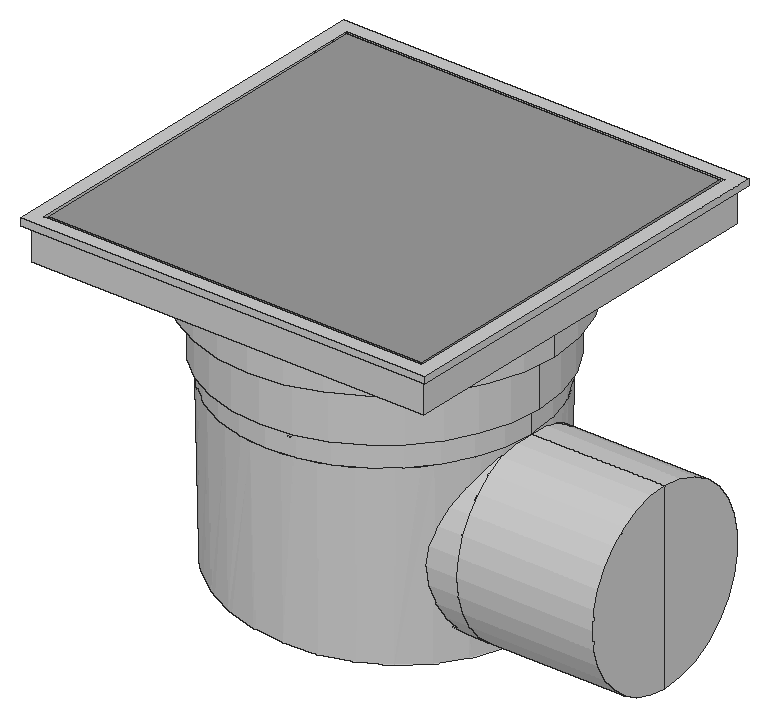
Revit family "HL_Дворовый трап серии Perfekt_HL605LW", category Instalační zařizovací předměty, Revit 2016
Family settings
  Typ součásti = Normální
  Kóta kulaté spojky = Použít průměr
  Číslo OmniClass = 23.70.50.21.24.14
  Nadpis OmniClass = Deck Waste Water Drains
  Založené na pracovní rovině = Ne
  Vždy vertikální = Ano
  Ořezat dutým tvarem při načtení = Ne
  Sdílené = Ne
  Bod výpočtu místnosti = Ano
Parameters
  РЕШЁТКА = "Kunststoff 226 x 226 mm"
  РАЗМЕР = "DN110"
  ПРОПУСКНАЯ СПОСОБНОСТЬ [instance] = 0.0 L/s
  ПРОИЗВОДИТЕЛЬНОСТЬ = "2,5 l/s"
  ПРАВОВАЯ ИНФОРМАЦИЯ = "\"Copyright (©), design rights or any other intellectual property rights, shall be the exclusive property of HL Hutterer & Lechner GmbH. Modification is not allowed. Family has been watermarked.\""
  НОМИНАЛЬНЫЙ ДИАМЕТР = 110 mm
  НАСАДКА = "244 x 244 mm"
  МАТЕРИАЛ = "PP"
  МАКСИМАЛЬНАЯ НАГРУЗКА КЛАССА = "L - 1,5 t"
  ВЫСОТА МОНТАЖА = "206 mm"
  ВЕС = "1,495 kg"
  Výrobce = "HL Hutterer & Lechner GmbH"
  URL = "http://www.hutterer-lechner.com/en/products/catalog/roof-drains/HL605LW.aspx"
  Материал плитка [instance] = none
  Připojení ventilace = no
  Připojení odpadu = yes
  Připojení HW = no
  Připojení CW = no
  Description = ""
  Model = "HL605LW"
  Assembly Code = " "
  Type Comments = "perfect-drain DN110 horizontal 244x244mm/226x226mm plastic with trap seal"
  Keynote = "HL605LW"
  IH [instance] = Высота монтажа 1 + Высота монтажа 2  # 0 mm
  Высота монтажа 2 [instance] = 0 mm
  Высота монтажа 1 [instance] = 0 mm
  G [instance] = 90.00°  # constant formula
  EAN = "9003076009350"
  D [instance] = 170 mm
  C [instance] = if(IH - 68 mm < 0 mm, 0 mm, IH - 68 mm)  # 0 mm
  B [instance] = IH + 151.2 mm  # 151.2 mm
  A [instance] = if(B - 100 mm > 15 mm, B - 100 mm, 15 mm)  # 51.2 mm
Types (2, lengths in mm): name | ПРАВОВАЯ ИНФОРМАЦИЯ | URL | Description | Type Comments
  (no name) | "\"Copyright (©), design rights or any other intellectual property rights, shall be the exclusive property of HL Hutterer & Lechner GmbH. Modification is not allowed. Family has been watermarked.\"" | "http://www.hutterer-lechner.com/en/products/catalog/roof-drains/HL605LW.aspx" | "" | "perfect-drain DN110 horizontal 244x244mm/226x226mm plastic with trap seal"
  HL_Дворовый трап серии Perfekt_HL605LW | "\"Авторские права(©), права на дизайн или какие либо другие права интелектуальной собственности являются исключительной собственностью компании HL Hutterer & Lechner. Изменению не подлежит. Файл семейства с данными о прозводителе изделия защищен паролем с водяным знаком.\"" | "http://www.hutterer-lechner.com/ru/products/catalog/roof-drains/HL605LW.aspx" | "Дворовый трап серии Perfekt DN110 горизонтальный выпуск" | "Дворовый трап серии Perfekt DN110 горизонтальный 244х244мм/226х226мм ПП с водяным затвором."
Reference planes
  plane 1 "Center (Front/Back)": y = 0
  plane 2: z = 0
  plane 3 "Center (Left/Right)": x = 0
  plane 4: z = -151.2
  plane 5: z = 0
  plane 6: z = 0
Lines and regions (mm)
  model lines, style "InvisibleLines"
    curve 1: line (0, 0, 0) -> (0, 0, 20)
  model lines, style "PlumbingFixtures", detail levels coarse+medium
    curve 2: line (0, 0, -151.2) -> (0, 0, -100)
    curve 3: line (0, 0, -100) -> (-100, 0, 0)
    curve 4: line (0, 0, -100) -> (100, 0, 0)
    curve 6: line (0, 0, -151.2) -> (170, 0, -151.2)
  reference lines, not visible
    curve 5: line (0, 0, -151.2) -> (170, 0, -151.2)
  symbolic lines, style "PlumbingFixtures", detail levels coarse+medium
    curve 7: line (-75, 75, 0) -> (75, 75, 0)
    curve 8: line (-75, -75, 0) -> (-75, 75, 0)
    curve 9: line (75, -75, 0) -> (-75, -75, 0)
    curve 10: line (75, 75, 0) -> (75, -75, 0)
    curve 11: line (-75, 75, 0) -> (-145.711, 145.711, 0)
    curve 12: line (75, 75, 0) -> (145.711, 145.711, 0)
    curve 13: line (-75, -75, 0) -> (-145.711, -145.711, 0)
    curve 14: line (75, -75, 0) -> (145.711, -145.711, 0)
  symbolic lines, style "PlumbingFixtures", not visible, detail levels coarse+medium
    curve 15: line (-75, 75, 0) -> (75, 75, 0)
    curve 16: line (-75, -75, 0) -> (-75, 75, 0)
    curve 17: line (75, -75, 0) -> (-75, -75, 0)
    curve 18: line (75, 75, 0) -> (75, -75, 0)
    curve 19: line (-75, 75, 0) -> (-145.711, 145.711, 0)
    curve 20: line (75, 75, 0) -> (145.711, 145.711, 0)
    curve 21: line (-75, -75, 0) -> (-145.711, -145.711, 0)
    curve 22: line (75, -75, 0) -> (145.711, -145.711, 0)
Text (mm)
  text "FLOOR" at (-162.344, 0, -10.979), in view "Слева"
Dimensions and locks
  "B": plane 2 to plane 4
  "IH": plane 2 to plane 5
  "A": curve 4 to plane 4
  "D": curve 5 to curve 5
  "D": curve 6 to curve 6
  "Высота монтажа 1": plane 2 to plane 6
  locked: curve 4 to plane 3 "Center (Left/Right)" (angle 45.00°)
  locked: plane 3 "Center (Left/Right)" to curve 3 (angle 45.00°)
  "G": angle curve 5 to plane 3 "Center (Left/Right)"
  aligned and locked: level to plane 2
  aligned and locked: plane 2 to curve 4
  aligned and locked: plane 2 to curve 3
  aligned and locked: plane 4 to curve 5
  aligned and locked: plane 3 "Center (Left/Right)" to curve 5
  aligned and locked: plane 4 to curve 2
  aligned and locked: curve 6 to plane 3 "Center (Left/Right)"
  aligned and locked: curve 6 to plane 4
  aligned and locked: plane 3 "Center (Left/Right)" to nested 2
  aligned and locked: plane 2 to nested 2
  aligned and locked: plane 3 "Center (Left/Right)" to nested 1
  aligned and locked: plane 5 to nested 1
  aligned and locked: plane 3 "Center (Left/Right)" to nested 4
  aligned and locked: nested 4 to nested 1
  aligned and locked: plane 3 "Center (Left/Right)" to nested 3
  aligned and locked: nested 1 to nested 3
Automatic sketch dimensions
  curve 2 to plane 3 "Center (Left/Right)" = 0 mm
  curve 1 to plane 3 "Center (Left/Right)" = 0 mm
  curve 1 to level = 0 mm
  level to curve 1 = 20 mm
Nested families
  nested 1: "HL-кровельные воронки - корпус-HL605K" at (0, 0, 0), type "HL-кровельные воронки - корпус-HL605K"
  nested 2: "HL-Решетка для сливного отверстия-HL0605.1E" at (0, 0, 0), type "HL-Решетка для сливного отверстия-HL0605.1E"
  nested 3: "HL-Песколовка-HL0606.2E" at (0, 0, -19.999), type "HL-Песколовка-HL0606.2E"
  nested 4: "HL-Вкладыш запахозапирающий-HL0605.2E" at (0, 0, -77), type "HL-Вкладыш запахозапирающий-HL0605.2E"
Connectors
  piping at (170, 0, -151.2), diameter 110, driven by "ПРОПУСКНАЯ СПОСОБНОСТЬ", driven by "НОМИНАЛЬНЫЙ ДИАМЕТР"
    settings: on curve 5, index 1, connector inside diameter 609.6 mm, connector length 0 mm, flow factor 0, pipe flow 0.0 L/s, pressure drop 0.0 Pa, fitting loss kfactor 0, connector angle 0.00°, fixture units 0, engagement length 0 mm, angle of deflection 0.00°, flow configuration 1, flow direction 2, fitting loss method 0, system type 16, joint type 0, gender type 0, connector reference index -1, connector utility 0, adjustable connector yes, is connector primary yes, connector description ""
Definition of nested family "HL-кровельные воронки - корпус-HL605K"
  Parameters (values of type "HL-кровельные воронки - корпус-HL605K")
    РАЗМЕР = "DN110"
    ПРАВОВАЯ ИНФОРМАЦИЯ = "\"Авторские права(©), права на дизайн или какие либо другие права интелектуальной собственности являются исключительной собственностью компании HL Hutterer & Lechner. Изменению не подлежит. Файл семейства с данными о прозводителе изделия защищен паролем с водяным знаком.\""
    НАСАДКА = "244 x 244 mm"
    МАТЕРИАЛ = "PP"
    ВЫСОТА МОНТАЖА = "206 mm"
    ВЕС = "0,696 kg"
    Manufacturer = "HL Hutterer & Lechner GmbH"
    URL = "http://www.hutterer-lechner.com/ru/products/catalog/roof-drains/HL605K.aspx"
    Description = "Дворовый трап серии Perfekt DN110 горизонтальный выпуск"
    Model = "HL605K"
    материал = none
    Type Comments = "Корпус дворового трапа серии Perfekt DN110 горизонтальный 244х244мм ПП"
    Keynote = "HL605K"
    EAN = "9003076012749"
    Cost = 0
  Values of the unnamed type that differ from the named types
    РАЗМЕР = ""
    ПРАВОВАЯ ИНФОРМАЦИЯ = ""
    НАСАДКА = ""
    МАТЕРИАЛ = ""
    ВЫСОТА МОНТАЖА = ""
    ВЕС = ""
    Manufacturer = ""
    URL = ""
    Description = ""
    Model = ""
    Type Comments = ""
    Keynote = ""
    EAN = ""
  Reference planes
    plane 1 "Střed (vpředu/vzadu)": y = 0
    plane 2: z = 0
    plane 3 "Střed (vlevo/vpravo)": x = 0
  Forms (mm)
    Extrusion 1, solid, material <- "материал", detail levels fine
      sketch origin (0, 0, 0) x (1, 0, 0) y (0, 1, 0)
        loop
          line (-118.5, 118.5) -> (-118.5, -118.5) -> (118.5, -118.5) -> (118.5, 118.5) -> (-118.5, 118.5)
        loop
          line (114.5, -114.5) -> (114.5, 114.5) -> (-114.5, 114.5) -> (-114.5, -114.5) -> (114.5, -114.5)
      from -4 to -20
    Extrusion 2, solid, material <- "материал", detail levels fine
      sketch origin (0, 0, 0) x (1, 0, 0) y (0, 1, 0)
        loop
          line (-118.5, 118.5) -> (-118.5, -118.5) -> (118.5, -118.5) -> (118.5, 118.5) -> (-118.5, 118.5)
        loop
          circle (0, 0) r 99.04
      from -20 to -24
    Extrusion 3, solid, material <- "материал", detail levels fine
      sketch origin (0, 0, 0) x (1, 0, 0) y (0, 1, 0)
        loop
          line (-122.5, 122.5) -> (-122.5, -122.5) -> (122.5, -122.5) -> (122.5, 122.5) -> (-122.5, 122.5)
        loop
          line (114.5, -114.5) -> (114.5, 114.5) -> (-114.5, 114.5) -> (-114.5, -114.5) -> (114.5, -114.5)
      from -4 to 0
    Revolve 4, solid, material <- "материал", detail levels fine
      sketch origin (0, 0, 0) x (1, 0, 0) y (0, 0, 1)
        loop
          line (-99.04, -24) -> (-102.992, -24) -> (-102.992, -49.657) -> (-93.991, -49.657) -> (-93.991, -81.233) -> (-89.525, -81.233) -> (-89.525, -96.233) -> (-87.601, -206.46) -> (0, -206.46) -> (0, -142.233) -> (-85.48, -142.233) -> (-85.48, -77) -> (-90.064, -77) -> (-90.064, -42) -> (-99.04, -42) -> (-99.04, -24)
        axis (0, -24) -> (0, -206.46)
      angle from 0 to 360
    Extrusion 5, void
      sketch origin (0, 0, 0) x (1, 0, 0) y (0, 0, 1)
        loop
          line (101.097, -207.584) -> (-103.425, -190.313) -> (-103.425, -230.313) -> (101.097, -230.313) -> (101.097, -207.584)
      from -118.5 to 100
    Revolve 6, solid, material <- "материал", detail levels fine
      sketch origin (0, 0, 0) x (1, 0, 0) y (0, 0, 1)
        loop
          line (170, -151.233) -> (52.576, -151.233) -> (52.576, -206.233) -> (87.576, -206.233) -> (170, -206.233) -> (170, -151.233)
        axis (52.576, -151.233) -> (170, -151.233)
      angle from 0 to 360
    Extrusion 7, void
      sketch origin (0, 0, 0) x (1, 0, 0) y (0, 1, 0)
        loop
          line (53.489, 64) -> (-15, 64) -> (-15, 82.049)
          arc (-15, 82.049) -> (-83.409, 0) -> (-15, -82.049) r 83.409
          line (-15, -82.049) -> (-15, -64) -> (53.489, -64)
          arc (53.489, -64) -> (83.409, 0) -> (53.489, 64) r 83.409
      from -186.135 to -66.314
    Extrusion 8, void
      sketch origin (400, 0, 0) x (1, 0, 0) y (0, 1, 0)
        loop
          line (-343.274, 64) -> (-415, 64) -> (-415, -64) -> (-344.352, -64)
          arc (-344.352, -64) -> (-313.891, -0.252) -> (-343.274, 64) r 83.409
      from -186.135 to -66.314
  Cuts and joins
    Extrusion 5, Extrusion 7 cuts Revolve 4
    joined: Extrusion 1, Extrusion 2, Extrusion 3, Revolve 4
    Extrusion 5, Extrusion 8 cuts Revolve 6
  Dimensions and locks
    aligned and locked: level to plane 2
Definition of nested family "HL-Решетка для сливного отверстия-HL0605.1E"
  Parameters
    РАЗМЕР = ""
    ПРАВОВАЯ ИНФОРМАЦИЯ = ""
    МАТЕРИАЛ = ""
    МАКСИМАЛЬНАЯ НАГРУЗКА КЛАССА = ""
    ВЕС = ""
    Manufacturer = ""
    URL = ""
    Description = ""
    Model = ""
    материал = none
    Type Comments = ""
    Keynote = ""
    EAN = ""
    Cost = 0
  Types (2, lengths in mm): name | РАЗМЕР | ПРАВОВАЯ ИНФОРМАЦИЯ | МАТЕРИАЛ | МАКСИМАЛЬНАЯ НАГРУЗКА КЛАССА | ВЕС | Manufacturer | URL | Description | Model | Type Comments | Keynote | EAN
    (no name) | "" | "" | "" | "" | "" | "" | "" | "" | "" | "" | "" | ""
    HL-Решетка для сливного отверстия-HL0605.1E | "226x226mm" | "\"Авторские права(©), права на дизайн или какие либо другие права интелектуальной собственности являются исключительной собственностью компании HL Hutterer & Lechner. Изменению не подлежит. Файл семейства с данными о прозводителе изделия защищен паролем с водяным знаком.\"" | "PA" | "L - 1,5 t" | "0,508 kg" | "HL Hutterer & Lechner GmbH" | "http://www.hutterer-lechner.com/ru/products/catalog/roof-drains/HL0605.1E.aspx" | "Решетка для сливного отверстия" | "HL0605.1E" | "Решетка для сливного отверстия из пластмассы 226х226мм" | "HL0605.1E" | "9003076009701"
  Reference planes
    plane 1 "Střed (vpředu/vzadu)": y = 0
    plane 2: z = 0
    plane 3 "Střed (vlevo/vpravo)": x = 0
  Forms (mm)
    Extrusion 1, solid, material <- "материал", detail levels fine
      sketch origin (0, 0, 0) x (1, 0, 0) y (0, 1, 0)
        loop
          line (113, 113) -> (-113, 113) -> (-113, -113) -> (113, -113) -> (113, 113)
      from 0 to -20
  Lines and regions (mm)
    model lines, detail levels fine
      curve 1: line (21.213, 35.355, 0) -> (56.569, 70.711, 0)
      curve 2: line (35.355, 21.213, 0) -> (70.711, 56.569, 0)
      curve 3: line (81.317, 45.962, 0) -> (45.962, 10.607, 0)
      curve 4: line (10.607, 45.962, 0) -> (45.962, 81.317, 0)
      curve 5: line (7.5, 72, 0) -> (7.5, 88, 0)
      curve 6: line (-7.5, 72, 0) -> (-7.5, 88, 0)
      curve 7: arc (7.5, 88, 0) -> (0, 95.5, 0) -> (-7.5, 88, 0) r 7.5
      curve 8: arc (7.5, 72, 0) -> (0, 64.5, 0) -> (-7.5, 72, 0) r 7.5
      curve 9: arc (56.569, 70.711, 0) -> (56.569, 81.317, 0) -> (45.962, 81.317, 0) r 7.5
      curve 10: arc (81.317, 45.962, 0) -> (81.317, 56.569, 0) -> (70.711, 56.569, 0) r 7.5
      curve 11: arc (45.962, 10.607, 0) -> (35.355, 10.607, 0) -> (35.355, 21.213, 0) r 7.5
      curve 12: arc (10.607, 45.962, 0) -> (10.607, 35.355, 0) -> (21.213, 35.355, 0) r 7.5
      curve 13: line (21.213, -35.355, 0) -> (56.569, -70.711, 0)
      curve 14: line (35.355, -21.213, 0) -> (70.711, -56.569, 0)
      curve 15: line (81.317, -45.962, 0) -> (45.962, -10.607, 0)
      curve 16: line (10.607, -45.962, 0) -> (45.962, -81.317, 0)
      curve 17: arc (56.569, -70.711, 0) -> (56.569, -81.317, 0) -> (45.962, -81.317, 0) r 7.5
      curve 18: arc (81.317, -45.962, 0) -> (81.317, -56.569, 0) -> (70.711, -56.569, 0) r 7.5
      curve 19: arc (45.962, -10.607, 0) -> (35.355, -10.607, 0) -> (35.355, -21.213, 0) r 7.5
      curve 20: arc (10.607, -45.962, 0) -> (10.607, -35.355, 0) -> (21.213, -35.355, 0) r 7.5
      curve 21: line (-21.213, 35.355, 0) -> (-56.569, 70.711, 0)
      curve 22: line (-35.355, 21.213, 0) -> (-70.711, 56.569, 0)
      curve 23: line (-81.317, 45.962, 0) -> (-45.962, 10.607, 0)
      curve 24: line (-10.607, 45.962, 0) -> (-45.962, 81.317, 0)
      curve 25: arc (-56.569, 70.711, 0) -> (-56.569, 81.317, 0) -> (-45.962, 81.317, 0) r 7.5
      curve 26: arc (-81.317, 45.962, 0) -> (-81.317, 56.569, 0) -> (-70.711, 56.569, 0) r 7.5
      curve 27: arc (-45.962, 10.607, 0) -> (-35.355, 10.607, 0) -> (-35.355, 21.213, 0) r 7.5
      curve 28: arc (-10.607, 45.962, 0) -> (-10.607, 35.355, 0) -> (-21.213, 35.355, 0) r 7.5
      curve 29: line (-21.213, -35.355, 0) -> (-56.569, -70.711, 0)
      curve 30: line (-35.355, -21.213, 0) -> (-70.711, -56.569, 0)
      curve 31: line (-81.317, -45.962, 0) -> (-45.962, -10.607, 0)
      curve 32: line (-10.607, -45.962, 0) -> (-45.962, -81.317, 0)
      curve 33: arc (-56.569, -70.711, 0) -> (-56.569, -81.317, 0) -> (-45.962, -81.317, 0) r 7.5
      curve 34: arc (-81.317, -45.962, 0) -> (-81.317, -56.569, 0) -> (-70.711, -56.569, 0) r 7.5
      curve 35: arc (-45.962, -10.607, 0) -> (-35.355, -10.607, 0) -> (-35.355, -21.213, 0) r 7.5
      curve 36: arc (-10.607, -45.962, 0) -> (-10.607, -35.355, 0) -> (-21.213, -35.355, 0) r 7.5
      curve 37: line (72, 7.5, 0) -> (88, 7.5, 0)
      curve 38: line (72, -7.5, 0) -> (88, -7.5, 0)
      curve 39: arc (88, 7.5, 0) -> (95.5, 0, 0) -> (88, -7.5, 0) r 7.5
      curve 40: arc (72, 7.5, 0) -> (64.5, 0, 0) -> (72, -7.5, 0) r 7.5
      curve 41: line (-72, 7.5, 0) -> (-88, 7.5, 0)
      curve 42: line (-72, -7.5, 0) -> (-88, -7.5, 0)
      curve 43: arc (-88, 7.5, 0) -> (-95.5, 0, 0) -> (-88, -7.5, 0) r 7.5
      curve 44: arc (-72, 7.5, 0) -> (-64.5, 0, 0) -> (-72, -7.5, 0) r 7.5
      curve 45: line (7.5, -72, 0) -> (7.5, -88, 0)
      curve 46: line (-7.5, -72, 0) -> (-7.5, -88, 0)
      curve 47: arc (7.5, -88, 0) -> (0, -95.5, 0) -> (-7.5, -88, 0) r 7.5
      curve 48: arc (7.5, -72, 0) -> (0, -64.5, 0) -> (-7.5, -72, 0) r 7.5
  Dimensions and locks
    aligned and locked: level to plane 2
Definition of nested family "HL-Песколовка-HL0606.2E"
  Parameters (values of type "HL-Песколовка-HL0606.2E")
    ПРАВОВАЯ ИНФОРМАЦИЯ = "\"Авторские права(©), права на дизайн или какие либо другие права интелектуальной собственности являются исключительной собственностью компании HL Hutterer & Lechner. Изменению не подлежит. Файл семейства с данными о прозводителе изделия защищен паролем с водяным знаком.\""
    МАТЕРИАЛ = "PP"
    ВЕС = "0,09 kg"
    Manufacturer = "HL Hutterer & Lechner GmbH"
    URL = "http://www.hutterer-lechner.com/ru/products/catalog/roof-drains/HL0606.2E.aspx"
    Description = "Песколовка"
    Model = "HL0606.2E"
    материал = none
    Type Comments = "Песколовка"
    Keynote = "HL0606.2E"
    EAN = "9003076060627"
    Cost = 0
  Values of the unnamed type that differ from the named types
    ПРАВОВАЯ ИНФОРМАЦИЯ = ""
    МАТЕРИАЛ = ""
    ВЕС = ""
    Manufacturer = ""
    URL = ""
    Description = ""
    Model = ""
    Type Comments = ""
    Keynote = ""
    EAN = ""
  Reference planes
    plane 1 "Střed (vpředu/vzadu)": y = 0
    plane 2: z = 0
    plane 3 "Střed (vlevo/vpravo)": x = 0
  Forms (mm)
    Revolve 1, solid, material <- "материал", detail levels fine
      sketch origin (0, 0, 0) x (1, 0, 0) y (0, 0, 1)
        loop
          line (0, -55.952) -> (0, -58.018) -> (57.601, -56.006)
          arc (57.601, -56.006) -> (65.932, -53.053) -> (69.532, -44.98) r 11.208
          line (69.532, -44.98) -> (72.482, -41.586) -> (75.031, -12.448) -> (75.865, -6.515)
          arc (75.865, -6.515) -> (76.428, -5.156) -> (77.786, -4.594) r 1.921
          line (77.786, -4.594) -> (95.979, -3.002) -> (95.979, -0.001) -> (73.246, -1.99) -> (69.436, -41.391) -> (67.501, -43.326)
          arc (67.501, -43.326) -> (65.111, -51.02) -> (57.603, -53.94) r 9.273
          line (57.603, -53.94) -> (0, -55.952)
        axis (0, -58.018) -> (0, -0.001)
      angle from 0 to 360
  Dimensions and locks
    aligned and locked: level to plane 2
Definition of nested family "HL-Вкладыш запахозапирающий-HL0605.2E"
  Parameters
    ПРАВОВАЯ ИНФОРМАЦИЯ = ""
    МАТЕРИАЛ = ""
    ВЕС = ""
    Manufacturer = ""
    URL = ""
    Description = ""
    Model = ""
    материал 2 = none
    материал = none
    Type Comments = ""
    Keynote = ""
    EAN = ""
    Cost = 0
  Types (2, lengths in mm): name | ПРАВОВАЯ ИНФОРМАЦИЯ | МАТЕРИАЛ | ВЕС | Manufacturer | URL | Description | Model | Type Comments | Keynote | EAN
    (no name) | "" | "" | "" | "" | "" | "" | "" | "" | "" | ""
    HL-Вкладыш запахозапирающий-HL0605.2E | "\"Авторские права(©), права на дизайн или какие либо другие права интелектуальной собственности являются исключительной собственностью компании HL Hutterer & Lechner. Изменению не подлежит. Файл семейства с данными о прозводителе изделия защищен паролем с водяным знаком.\"" | "PP" | "0,192 kg" | "HL Hutterer & Lechner GmbH" | "http://www.hutterer-lechner.com/ru/products/catalog/roof-drains/HL0605.2E.aspx" | "Вкладыш запахозапирающий" | "HL0605.2E" | "Вкладыш водяного затвора комплектный" | "HL0605.2E" | "9003076009725"
  Reference planes
    plane 1 "Střed (vpředu/vzadu)": y = 0
    plane 2: z = 0
    plane 3 "Střed (vlevo/vpravo)": x = 0
  Forms (mm)
    Revolve 1, solid, material <- "материал 2", detail levels fine
      sketch origin (0, 0, 0) x (1, 0, 0) y (0, 0, 1)
        loop
          line (88, -3) -> (88, 0) -> (82.921, 0) -> (82.921, -1.338) -> (78.867, -6.169) -> (78.867, -19.629) -> (76.315, -48.796)
          arc (76.315, -48.796) -> (75.558, -51.125) -> (73.796, -52.827) r 5.066
          line (73.796, -52.827) -> (58.029, -61.938) -> (58.029, -93.034) -> (53.399, -98) -> (41.859, -98) -> (41.859, -83.043) -> (45.35, -83.043) -> (45.35, -33) -> (29.878, -33) -> (29.878, -100) -> (52.94, -100)
          arc (52.94, -100) -> (57.932, -97.932) -> (60, -92.939) r 7.061
          line (60, -92.939) -> (60, -65.894)
          arc (60, -65.894) -> (60.671, -63.394) -> (62.5, -61.564) r 5.003
          line (62.5, -61.564) -> (74.706, -54.511)
          arc (74.706, -54.511) -> (77.106, -52.212) -> (78.174, -49.065) r 6.994
          line (78.174, -49.065) -> (81.088, -15.754) -> (83.996, -15.499) -> (83.996, -12.378)
          arc (83.996, -12.378) -> (85.775, -10) -> (83.996, -7.623) r 2.478
          line (83.996, -7.623) -> (83.996, -3) -> (88, -3)
        axis (0, 0) -> (0, -100)
      angle from 0 to 360
    Revolve 2, solid, material <- "материал", detail levels fine
      sketch origin (0, 0, 0) x (1, 0, 0) y (0, 0, 1)
        loop
          line (47.229, -83.043) -> (47.229, -28.043)
          arc (47.229, -28.043) -> (43.63, -19.353) -> (34.94, -15.754) r 12.289
          line (34.94, -15.754) -> (0, -15.754) -> (0, -48.796) -> (45.35, -48.796) -> (45.35, -83.043) -> (47.229, -83.043)
        axis (0, -83.043) -> (0, -15.754)
      angle from 0 to 360
  Dimensions and locks
    aligned and locked: level to plane 2
